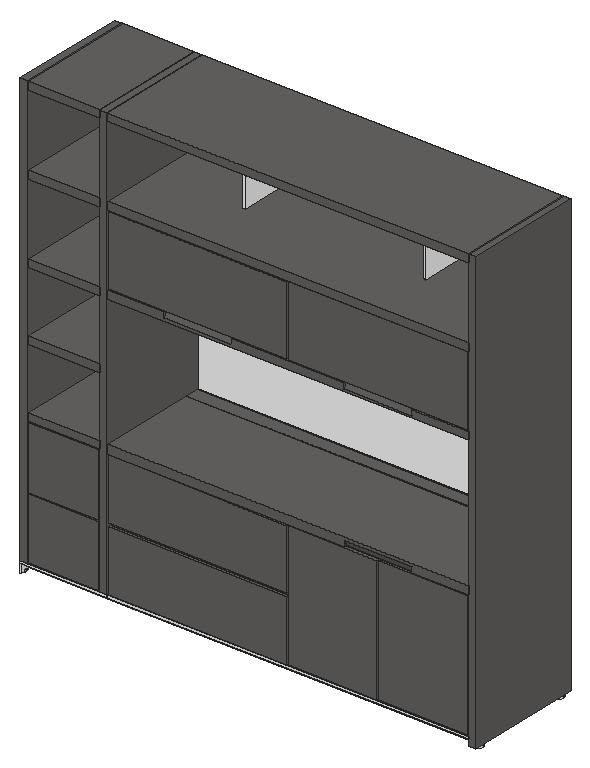
Revit family "Storage-Wall-Teknion-ZXLS_90_High_Without_Lights-R2011", category Furniture Systems, Revit 2013
Parameters (values of type "(See Type Catalog)")
  Working Wall Finish [instance] = Glass - Teknion - K6 - White Backpainted
  Width = 92.642"
  Warranty = "http://www.teknionstudio.com/pdfs/Teknion%20Studio%20Warranty.pdf"
  Wall Unit Finish [instance] = Veneer - Teknion - P7 - Grey Oak
  Unit Weight = 685.00 lbf
  URL = "www.teknionstudio.com"
  Right Tabletop Cutout Offset = if(Has Right Double Doors, 0", 4")  # 0"
  Left Tabletop Cutout Offset = if(Has Left Double Doors, 0", 4")  # 4"
  Storage Tower = Storage-Unit-Teknion-Tower : Upper Shelves & File/File Pedestal
  Series = "B&B Italia"
  Product Page URL = "http://www.teknionstudio.com/acexecutive/"
  Product Line = "AC Executive"
  Product Documentation Link = "http://www.teknionstudio.com/pricing/ac_executive_storage_walls_ppg.pdf"
  Part Number = "ZXLS"
  Model = ""
  Manufacturer Phone = "919-464-2920"
  Manufacturer Fax = "919-464-2927"
  Manufacturer Email = "customersupport@teknionstudio.com"
  Manufacturer Address = "3940 US 70 Business HWY West, Clayton, NC 27520"
  Manufacturer = "Teknion Studio"  # constant formula
  Low Emitting Material = yes
  Low Emitting Finish = yes
  Height = 89 123/128"
  Has Right File File Drawers = not(Has Right Double Doors)  # no
  Has Right Double Doors = yes
  Has Left File File Drawers = not(Has Left Double Doors)  # yes
  Has Left Double Doors = no
  Description = ""
  Depth = 24"
  Assembly Code = "E2020200"
Reference planes (in)
  plane 1 "Center F/B": y = 0
  plane 2: z = 0
  plane 3 "Center L/R": x = -16.17703
  plane 4 "Back": y = 12
  plane 5 "Front": y = -12
  plane 6 "Doors Top": z = 73.81394
  plane 7: x = 28.60446
  plane 8: z = 29.68402
  plane 9: z = 56.1289
  plane 10: x = -44.7815
  plane 11: z = 2.1289
  plane 12: x = -8.08852
  plane 13 "Foot Centerline": y = -11.2126
  plane 14 "Tabletop Cutout Left": y = -16
  plane 15 "Foot Centerline Front": y = -10.22835
  plane 16 "Foot Centerline Back": y = 10.22835
  plane 17: y = -8.484
  plane 18 "Tabletop Cutout Right": y = -12
  plane 19: x = 30.14397
  plane 20 "Left": x = -62.49803
  plane 21 "Top": z = 89.96094
Forms (in)
  Sweep 1, solid, material "Veneer - Teknion - P7 - Grey Oak" <- "Wall Unit Finish"
    path origin (0, 0, 15.40683) x (-1, 0, 0) y (0, -1, 0)
      loop
        line (16.17703, -12) -> (16.17703, 12)
    profile origin (-16.17703, 0, 15.40683) x (1, 0, 0) y (0, 0, 1)
      loop
        line (44.7815, -14.81732) -> (46.321, -14.81732) -> (46.321, 74.55411) -> (44.7815, 74.55411) -> (44.7815, -14.81732)
  Sweep 2, solid, material "Metal - Teknion - C6 - Chrome"
    path origin (0, 0, 0) x (1, 0, 0) y (0, 0, 1)
      loop
        line (28.60446, 2.1289) -> (-44.7815, 2.1289)
    profile origin (-8.08852, 0, 2.1289) x (0, 0, -1) y (0, -1, 0)
      loop
        line (0, 12) -> (0, 10.4252) -> (0.394, 10.4252) -> (0.394, 12) -> (0, 12)
  Sweep 3, solid, material "Metal - Teknion - C6 - Chrome"
    path origin (0, 0, 0) x (1, 0, 0) y (0, 0, 1)
      loop
        line (-44.7815, 2.1289) -> (28.60446, 2.1289)
    profile origin (-8.08852, 0, 2.1289) x (0, 0, 1) y (0, -1, 0)
      loop
        line (-0.394, 10.6222) -> (-1.575, 10.6222) -> (-1.575, 10.4252) -> (-0.394, 10.4252) -> (-0.394, 10.6222)
  Sweep 4, solid, material "Veneer - Teknion - P7 - Grey Oak" <- "Wall Unit Finish"
    path origin (0, 0, 0) x (1, 0, 0) y (0, 0, 1)
      loop
        line (-44.7815, 29.68402) -> (28.60446, 29.68402)
    profile origin (-8.08852, 0, 29.68402) x (0, 0, 1) y (0, -1, 0)
      loop
        line (0, 12) -> (-1.7638, 12) -> (-1.7638, 11.276) -> (-27.55512, 11.276) -> (-27.55512, -12) -> (44.12992, -12) -> (44.12992, 12) -> (42.59022, 12) -> (42.59022, 11.2126) -> (27.98392, 11.2126) -> (27.98392, 12) -> (26.44488, 12) -> (26.44488, -10.94094) -> (0, -10.94094) -> (0, -10.90969) -> (-0.72441, -10.90969) -> (-0.72441, -10.56693) -> (0, -10.56693) -> (0, -8.05709) -> (-0.72441, -8.05709) -> (-0.72441, -7.80709) -> (0, -7.80709) -> (0, 12)
      loop
        line (60.27692, -12) -> (60.27692, 12) -> (58.73722, 12) -> (58.73722, -12) -> (60.27692, -12)
  Sweep 5, solid, material "Veneer - Teknion - P7 - Grey Oak" <- "Wall Unit Finish"
    path origin (0, 0, 15.40683) x (-1, 0, 0) y (0, -1, 0)
      loop
        line (16.17703, 12) -> (16.17703, 11.276)
    profile origin (-16.17703, -11.638, 15.40683) x (-1, 0, 0) y (0, 0, 1)
      loop
        line (-44.5315, 42.5111) -> (-8.21358, 42.5111) -> (-8.21358, 56.6174) -> (-44.5315, 56.6174) -> (-44.5315, 42.5111)
      loop
        line (-7.96358, 56.6174) -> (-7.96358, 42.5111) -> (28.35446, 42.5111) -> (28.35446, 56.6174) -> (-7.96358, 56.6174)
  Sweep 6, solid, material "Veneer - Teknion - P7 - Grey Oak" <- "Wall Unit Finish", visible <- "Has Right Double Doors"
    path origin (0, 0, 15.40683) x (-1, 0, 0) y (0, -1, 0)
      loop
        line (16.17703, 12) -> (16.17703, 11.276)
    profile origin (-16.17703, -11.638, 15.40683) x (-1, 0, 0) y (0, 0, 1)
      loop
        line (-8.21345, 12.26339) -> (-26.25025, 12.26339) -> (-26.25025, -13.03482) -> (-8.21345, -13.03482) -> (-8.21345, 12.26339)
      loop
        line (-26.50025, 12.26339) -> (-44.5315, 12.26339) -> (-44.5315, -13.03482) -> (-26.50025, -13.03482) -> (-26.50025, 12.26339)
  Sweep 7, solid, material "Veneer - Teknion - P7 - Grey Oak" <- "Wall Unit Finish", visible <- "Has Right File File Drawers"
    path origin (0, 0, 15.40683) x (-1, 0, 0) y (0, -1, 0)
      loop
        line (16.17703, 12) -> (16.17703, 11.276)
    profile origin (-16.17703, -11.638, 15.40683) x (-1, 0, 0) y (0, 0, 1)
      loop
        line (-8.21352, 12.26339) -> (-44.53156, 12.26339) -> (-44.53156, 0.01144) -> (-8.21352, 0.01144) -> (-8.21352, 12.26339)
      loop
        line (-44.53156, -0.77597) -> (-44.53156, -13.03482) -> (-8.21352, -13.03482) -> (-8.21352, -0.77597) -> (-44.53156, -0.77597)
  Sweep 8, void
    path origin (0, 0, 0) x (1, 0, 0) y (0, 0, 1)
      loop
        line (3.388, 29.68402) -> (17.16752, 29.68402)
    profile origin (10.27776, 0, 29.68402) x (0, 0, 1) y (0, -1, 0)
      loop
        line (-1.7638, 12) -> (-1.7638, 11.52756) -> (-0.66143, 12) -> (-1.7638, 12)
  Sweep 9, void
    path origin (0, 0, 0) x (1, 0, 0) y (0, 0, 1)
      loop
        line (-33.3248, 56.1289) -> (-19.54528, 56.1289)
    profile origin (-26.43504, 0, 56.1289) x (0, 0, 1) y (0, -1, 0)
      loop
        line (1.53937, 12) -> (0.43699, 12) -> (1.53937, 11.52755) -> (1.53937, 12)
  Sweep 10, void
    path origin (0, 0, 0) x (1, 0, 0) y (0, 0, 1)
      loop
        line (3.36831, 56.1289) -> (17.14764, 56.1289)
    profile origin (10.25797, 0, 56.1289) x (0, 0, 1) y (0, -1, 0)
      loop
        line (1.53937, 11.52755) -> (1.53937, 12) -> (0.43699, 12) -> (1.53937, 11.52755)
  Revolve 11, solid, material "Metal - Teknion - C6 - Chrome"
    sketch origin (0, -10.22835, 0) x (0, 0, 1) y (1, 0, 0)
      loop
        line (0, 29.37415) -> (0.58951, 29.37415) -> (0.58951, 29.65649) -> (0.23622, 29.65649) -> (0.23622, 30.11214) -> (0, 30.11214) -> (0, 29.37415)
      axis (0, 29.37415) -> (0.58951, 29.37415)
    angle from 0 to 360
  Revolve 12, solid, material "Metal - Teknion - C6 - Chrome"
    sketch origin (0, 10.22835, 0) x (0, 0, 1) y (1, 0, 0)
      loop
        line (0, 29.37415) -> (0.58951, 29.37415) -> (0.58951, 29.65649) -> (0.23622, 29.65649) -> (0.23622, 30.11214) -> (0, 30.11214) -> (0, 29.37415)
      axis (0, 29.37415) -> (0.58951, 29.37415)
    angle from 0 to 360
  Sweep 13, void
    path origin (0, 0, 0) x (1, 0, 0) y (0, 0, 1)
      loop
        line (-19.56503, 29.68402) -> (-33.34456, 29.68402)
    profile origin (-26.45479, 0, 29.68402) x (0, 0, -1) y (0, -1, 0)
      loop
        line (1.7638, 15.52756) -> (1.7638, 16) -> (0.66143, 16) -> (1.7638, 15.52756)
  Sweep 14, solid, material "Veneer - Teknion - P7 - Grey Oak" <- "Wall Unit Finish", visible <- "Has Left Double Doors"
    path origin (-16.17703, 0, 0) x (0, 1, 0) y (0, 0, 1)
      loop
        line (-12, 2.1289) -> (-11.276, 2.1289)
    profile origin (-16.17703, -11.638, 2.1289) x (0, 0, 1) y (1, 0, 0)
      loop
        line (25.54132, 7.96352) -> (0.24311, 7.96352) -> (0.24311, -10.07328) -> (25.54132, -10.07328) -> (25.54132, 7.96352)
      loop
        line (0.24311, -10.32328) -> (0.24311, -28.35453) -> (25.54132, -28.35453) -> (25.54132, -10.32328) -> (0.24311, -10.32328)
  Sweep 15, solid, material "Veneer - Teknion - P7 - Grey Oak" <- "Wall Unit Finish", visible <- "Has Left File File Drawers"
    path origin (-16.17703, 0, 0) x (0, 1, 0) y (0, 0, 1)
      loop
        line (-12, 2.1289) -> (-11.276, 2.1289)
    profile origin (-16.17703, -11.638, 2.1289) x (0, 0, 1) y (1, 0, 0)
      loop
        line (25.54132, 7.96352) -> (13.28937, 7.96352) -> (13.28937, -28.35453) -> (25.54132, -28.35453) -> (25.54132, 7.96352)
      loop
        line (12.50197, -28.35453) -> (12.50197, 7.96352) -> (0.24311, 7.96352) -> (0.24311, -28.35453) -> (12.50197, -28.35453)
  Sweep 16, solid, material "Acrylic - Teknion - Clear"
    path origin (0, 0, 15.40683) x (-1, 0, 0) y (0, -1, 0)
      loop
        line (16.17703, -11.252) -> (16.17703, 0.165)
    profile origin (-16.17703, 5.5435, 15.40683) x (1, 0, 0) y (0, 0, 1)
      loop
        line (-10.55519, 73.0138) -> (-10.55519, 58.4071) -> (-9.9607, 58.4071) -> (-9.9607, 73.0138) -> (-10.55519, 73.0138)
      loop
        line (26.13773, 73.0138) -> (26.13773, 58.4071) -> (26.73222, 58.4071) -> (26.73222, 73.0138) -> (26.13773, 73.0138)
Cuts and joins
  joined: Sweep 2, Sweep 3
  Sweep 8, Sweep 9, Sweep 10, Sweep 13 cuts Sweep 4
Lines and regions (in)
  Masking region 1
    outline origin (0, 0, 15.40683) x (-1, 0, 0) y (0, -1, 0)
      loop
        line (44.7815, -12) -> (44.7815, 12) -> (-30.14397, 12) -> (-30.14397, -12) -> (44.7815, -12)
  symbolic lines, style "Elevation Swing"
    curve 1: line (-44.7815, -12, 57.66827) -> (-26.43501, -12, 72.02424)
    curve 2: line (-8.08852, -12, 57.66832) -> (-26.43501, -12, 72.02424)
    curve 3: line (-8.08852, 0, 57.66832) -> (10.25797, 0, 72.19583)
    curve 4: line (10.25797, 0, 72.19583) -> (28.60446, 0, 57.66827)
  symbolic lines, detail levels medium+fine
    curve 5: line (-44.7815, 12, 15.40683) -> (-44.7815, -12, 15.40683)
  symbolic lines, style "FurnitureSystemsHiddenLines", detail levels fine
    curve 6: line (28.60446, -11.276, 15.40683) -> (-44.7815, -11.276, 15.40683)
    curve 7: line (-8.08852, 12, 15.40683) -> (-8.08852, -12, 15.40683)
  symbolic lines, style "Elevation Swing", visible <- "Has Right Double Doors"
    curve 8: line (10.07321, 0, 27.67022) -> (-7.96358, 0, 15.02111)
    curve 9: line (-7.96358, 0, 15.02111) -> (10.07321, 0, 2.37201)
    curve 10: line (10.32321, 0, 2.37201) -> (28.35446, 0, 15.02111)
    curve 11: line (28.35446, 0, 15.02111) -> (10.32321, 0, 27.67022)
  symbolic lines, style "Elevation Swing", visible <- "Has Left Double Doors"
    curve 12: line (-8.21352, 0, 15.02111) -> (-26.25031, 0, 27.67022)
    curve 13: line (-8.21352, 0, 15.02111) -> (-26.25031, 0, 2.37201)
    curve 14: line (-26.50031, 0, 2.37201) -> (-44.53156, 0, 15.02111)
    curve 15: line (-44.53156, 0, 15.02111) -> (-26.50031, 0, 27.67022)
  symbolic lines, visible <- "Has Left Double Doors"
    curve 16: arc (-44.7815, -30.34649, 15.40683) -> (-31.80857, -24.97293, 15.40683) -> (-26.43501, -12, 15.40683) r 18.34649
    curve 17: arc (-26.43501, -12, 15.40683) -> (-21.06144, -24.97293, 15.40683) -> (-8.08852, -30.34649, 15.40683) r 18.34649
    curve 18: line (-44.7815, -12, 15.40683) -> (-44.7815, -30.34649, 15.40683)
    curve 19: line (-8.08852, -12, 15.40683) -> (-8.08852, -30.34649, 15.40683)
  symbolic lines, visible <- "Has Right Double Doors"
    curve 20: arc (-8.08852, -30.34649, 15.40683) -> (4.88441, -24.97293, 15.40683) -> (10.25797, -12, 15.40683) r 18.34649
    curve 21: arc (10.25797, -12, 15.40683) -> (15.63154, -24.97293, 15.40683) -> (28.60446, -30.34649, 15.40683) r 18.34649
    curve 22: line (-8.08852, -12, 15.40683) -> (-8.08852, -30.34649, 15.40683)
    curve 23: line (28.60446, -12, 15.40683) -> (28.60446, -30.34649, 15.40683)
Dimensions and locks (in)
  equal spacing: plane 4 "Back", plane 1 "Center F/B", plane 5 "Front"
  "Depth": plane 4 "Back" to plane 5 "Front"
  "Height": plane 21 "Top" to plane 2
  locked: plane 8 to plane 2 at 29.68402
  locked: plane 9 to plane 8 at 26.44488
  locked: plane 11 to plane 2 at 2.1289
  locked: plane 11 to Sweep 3 sketch curve at 0.394
  locked: Sweep 3 sketch curve to Sweep 3 sketch curve at 1.181
  plane 5 "Front" to Sweep 3 sketch curve to Sweep 3 sketch curve = 1.3778" locked, 0.197" locked
  locked: plane 5 "Front" to plane 13 "Foot Centerline" at 0.7874
  plane 11 to Sweep 4 sketch curve = 0"
  locked: plane 8 to Sweep 4 sketch curve at 1.7638
  locked: Sweep 1 sketch curve to plane 2 at 0.58951
  locked: plane 5 "Front" to Sweep 5 sketch curve at 0.724
  locked: plane 5 "Front" to Sweep 6 sketch curve at 0.724
  locked: plane 8 to Sweep 6 sketch curve at 2.0138  (x2)
  locked: Sweep 6 sketch curve to Sweep 6 sketch curve at 25.29821  (x2)
  Sweep 6 sketch curve to Sweep 6 sketch curve to Sweep 6 sketch curve to Sweep 6 sketch curve to plane 10 = 18 1/32" locked, 1/4" locked, 18.0368" locked, 36.81791"
  locked: plane 5 "Front" to Sweep 7 sketch curve at 0.724
  plane 8 to Sweep 7 sketch curve to Sweep 7 sketch curve to Sweep 7 sketch curve to Sweep 7 sketch curve = 2.0138" locked, 12.25195" locked, 0.7874" locked, 12.25886" locked
  Sweep 7 sketch curve to Sweep 7 sketch curve to plane 12 = 36.31805" locked, 1/8" locked  (x2)
  Sweep 8 sketch curve to Sweep 8 sketch curve to plane 12 = 13.77953" locked, 11.47651" locked
  locked: plane 8 to Sweep 8 sketch curve at 1.7638
  locked: plane 18 "Tabletop Cutout Right" to Sweep 8 sketch curve at 0.47244
  "Left Tabletop Cutout Offset": plane 14 "Tabletop Cutout Left" to plane 5 "Front"
  locked: Sweep 9 sketch curve to Sweep 9 sketch curve at 13.77953
  locked: Sweep 9 sketch curve to plane 9 at 1.53937
  locked: Sweep 9 sketch curve to plane 9 at 0.43699
  locked: plane 5 "Front" to Sweep 9 sketch curve at 0.47245
  Sweep 10 sketch curve to Sweep 10 sketch curve to plane 9 = 1.10238" locked, 0.43699" locked
  locked: plane 5 "Front" to Sweep 10 sketch curve at 0.47245
  equal spacing: plane 12, curve 2, plane 10
  equal spacing: plane 7, curve 4, plane 12
  locked: plane 5 "Front" to curve 6 at 0.724
  locked: plane 4 "Back" to plane 16 "Foot Centerline Back" at 1.77165
  locked: plane 5 "Front" to plane 15 "Foot Centerline Front" at 1.77165
  locked: plane 5 "Front" to plane 17 at 3.516
  locked: plane 11 to Sweep 2 sketch curve at 0.394
  locked: plane 5 "Front" to Sweep 2 sketch curve at 1.5748
  plane 12 to Sweep 13 sketch curve to Sweep 13 sketch curve = 11.47651" locked, 13.77953" locked
  plane 8 to Sweep 13 sketch curve to Sweep 13 sketch curve = 0.66143" locked, 1.10236" locked
  locked: plane 14 "Tabletop Cutout Left" to Sweep 13 sketch curve at 0.47244
  locked: plane 5 "Front" to Sweep 4 sketch curve at 0.724
  locked: plane 5 "Front" to Sweep 14 sketch curve at 0.724
  plane 12 to Sweep 14 sketch curve to Sweep 14 sketch curve to Sweep 14 sketch curve to Sweep 14 sketch curve = 1/8" locked, 18.0368" locked, 1/4" locked, 18 1/32" locked
  plane 8 to Sweep 14 sketch curve to Sweep 14 sketch curve = 2.0138" locked, 25.29821" locked  (x2)
  locked: plane 5 "Front" to Sweep 15 sketch curve at 0.724
  plane 8 to Sweep 15 sketch curve to Sweep 15 sketch curve to Sweep 15 sketch curve to Sweep 15 sketch curve = 2.0138" locked, 12.25195" locked, 0.7874" locked, 12.25886" locked
  plane 12 to Sweep 15 sketch curve to Sweep 15 sketch curve = 1/8" locked, 36.31805" locked  (x2)
  "Right Tabletop Cutout Offset": plane 18 "Tabletop Cutout Right" to plane 5 "Front"
  "Width": plane 20 "Left" to plane 19
  equal spacing: plane 20 "Left", plane 3 "Center L/R", plane 19
  locked: plane 7 to plane 19 at 1.5395
  locked: plane 20 "Left" to plane 10 at 17.71654
  equal spacing: plane 10, plane 12, plane 7
  Revolve 11 sketch curve to Revolve 11 sketch curve to plane 2 = 0.35329" locked, 0.23622" locked
  locked: plane 19 to Revolve 11 sketch curve at 0.76982
  plane 19 to Revolve 11 sketch curve to Revolve 11 sketch curve = 0.03183" locked, 0.45565" locked
  Revolve 12 sketch curve to Revolve 12 sketch curve to plane 2 = 0.35329" locked, 0.23622" locked
  locked: plane 19 to Revolve 12 sketch curve at 0.76982
  Revolve 12 sketch curve to Revolve 12 sketch curve to plane 19 = 0.45565" locked, 0.03183" locked
  Sweep 5 sketch curve to plane 3 "Center L/R" to Sweep 5 sketch curve to Sweep 5 sketch curve to Sweep 5 sketch curve = 28.35446" locked, 7.96358" locked, 1/4" locked, 36.31791" locked
  plane 6 "Doors Top" to Sweep 5 sketch curve to Sweep 5 sketch curve = 1.7897" locked, 14.1063" locked  (x2)
  plane 7 to Sweep 10 sketch curve to Sweep 10 sketch curve = 11.45683" locked, 13.77933" locked
  locked: plane 21 "Top" to Sweep 4 sketch curve at 1.5397
  locked: Sweep 16 sketch curve to Sweep 16 sketch curve at 0.59449  (x2)
  locked: Sweep 16 sketch curve to Sweep 16 sketch curve at 36.09843
  equal spacing: Sweep 16 sketch curve, plane 12, Sweep 16 sketch curve
  plane 4 "Back" to Sweep 16 sketch curve to Sweep 16 sketch curve = 0.748" locked, 11.417" locked
  aligned and locked: level to plane 2
  aligned and locked: plane 4 "Back" to Sweep 1 sketch curve
  aligned and locked: plane 5 "Front" to Sweep 1 sketch curve
  aligned and locked: Sweep 1 sketch curve to plane 3 "Center L/R"
  aligned and locked: Sweep 2 sketch curve to plane 11  (x2)
  aligned and locked: Sweep 3 sketch curve to plane 11
  aligned and locked: plane 10 to Sweep 4 sketch curve
  aligned and locked: plane 7 to Sweep 4 sketch curve
  aligned and locked: Sweep 4 sketch curve to plane 8  (x4)
  aligned and locked: Sweep 4 sketch curve to plane 5 "Front"  (x2)
  aligned and locked: plane 4 "Back" to Sweep 4 sketch curve
  aligned and locked: plane 3 "Center L/R" to Sweep 5 sketch curve
  aligned and locked: plane 5 "Front" to Sweep 5 sketch curve
  aligned and locked: Sweep 4 sketch curve to plane 9
  aligned and locked: plane 3 "Center L/R" to Sweep 6 sketch curve
  aligned and locked: plane 5 "Front" to Sweep 6 sketch curve
  aligned and locked: plane 5 "Front" to Sweep 7 sketch curve
  aligned and locked: plane 3 "Center L/R" to Sweep 7 sketch curve
  aligned and locked: Sweep 8 sketch curve to plane 8
  aligned and locked: Sweep 9 sketch curve to plane 9
  aligned and locked: Sweep 10 sketch curve to plane 9
  aligned and locked: Sweep 10 sketch curve to plane 5 "Front"
  aligned and locked: plane 10 to curve 1
  aligned and locked: plane 12 to curve 2
  aligned and locked: plane 7 to curve 4
  aligned and locked: plane 12 to curve 3
  aligned and locked: plane 4 "Back" to curve 5
  aligned and locked: plane 5 "Front" to curve 5
  aligned and locked: plane 7 to curve 6
  aligned and locked: plane 4 "Back" to curve 7
  aligned and locked: plane 5 "Front" to curve 7
  aligned and locked: plane 5 "Front" to Sweep 9 sketch curve
  aligned and locked: Sweep 4 sketch curve to plane 6 "Doors Top"
  aligned and locked: plane 13 "Foot Centerline" to Sweep 4 sketch curve
  aligned and locked: plane 5 "Front" to Sweep 4 sketch curve  (x2)
  aligned and locked: plane 2 to nested 1
  aligned and locked: plane 1 "Center F/B" to nested 1
  aligned and locked: plane 7 to Sweep 2 sketch curve
  aligned and locked: plane 7 to Sweep 3 sketch curve
  aligned and locked: Sweep 2 sketch curve to plane 5 "Front"
  aligned and locked: Masking region 1 sketch curve to plane 4 "Back"
  aligned and locked: Masking region 1 sketch curve to plane 5 "Front"
  aligned and locked: plane 8 to Sweep 13 sketch curve
  aligned and locked: Sweep 13 sketch curve to plane 14 "Tabletop Cutout Left"
  aligned and locked: plane 10 to Sweep 2 sketch curve
  aligned and locked: Sweep 14 sketch curve to plane 11
  aligned and locked: plane 5 "Front" to Sweep 14 sketch curve
  aligned and locked: plane 5 "Front" to Sweep 15 sketch curve
  aligned and locked: Sweep 15 sketch curve to plane 11
  aligned and locked: Sweep 6 to curve 8
  aligned and locked: curve 9 to Sweep 6
  aligned and locked: Sweep 6 to curve 10
  aligned and locked: curve 11 to Sweep 6
  aligned and locked: curve 12 to Sweep 14
  aligned and locked: Sweep 14 to curve 13
  aligned and locked: Sweep 14 to curve 14
  aligned and locked: Sweep 14 to curve 15
  aligned and locked: plane 10 to Sweep 3 sketch curve
  aligned and locked: plane 18 "Tabletop Cutout Right" to Sweep 8 sketch curve
  aligned and locked: plane 7 to Sweep 1 sketch curve
  aligned and locked: Sweep 1 sketch curve to plane 19
  aligned and locked: Masking region 1 sketch curve to plane 19
  aligned and locked: plane 10 to Masking region 1 sketch curve
  aligned and locked: nested 1 to plane 20 "Left"
  aligned and locked: Revolve 11 sketch curve to plane 2
  aligned and locked: plane 2 to Revolve 12 sketch curve
  aligned and locked: Sweep 4 sketch curve to nested 1
  aligned and locked: Sweep 4 sketch curve to plane 4 "Back"
  aligned and locked: Sweep 1 sketch curve to plane 21 "Top"
  aligned and locked: Sweep 16 sketch curve to plane 3 "Center L/R"
  aligned and locked: curve 18 to nested 1
  aligned and locked: curve 19 to plane 12
  aligned and locked: plane 5 "Front" to Masking region 1
  aligned and locked: plane 5 "Front" to curve 17
  aligned and locked: plane 5 "Front" to curve 16
  aligned and locked: curve 23 to plane 7
  aligned and locked: plane 5 "Front" to Sweep 1
  aligned and locked: plane 5 "Front" to curve 21
  aligned and locked: plane 5 "Front" to curve 20
Automatic sketch dimensions
  profile plane to Sweep 8 sketch curve = 0.66143"
  plane 9 to curve 2 = 1.53942"
  plane 9 to curve 1 = 1.53937"
  Sweep 2 sketch curve to Sweep 2 sketch curve = 1.5748"
  plane 11 to curve 14 = 0.24311"
  curve 14 to curve 13 = 1/4"
  curve 15 to plane 8 = 2.0138"
  curve 12 to plane 12 = 1/8"
  curve 8 to plane 8 = 2.0138"
  curve 8 to curve 11 = 1/4"
  plane 11 to curve 10 = 0.24311"
  curve 9 to curve 10 = 1/4"
  plane 11 to curve 13 = 0.24311"
  plane 11 to curve 9 = 0.24311"
  plane 11 to curve 11 = 12.89222"
  plane 11 to curve 8 = 12.89222"
  plane 11 to curve 14 = 12.89222"
  curve 12 to curve 8 = 0"
  curve 12 to curve 15 = 0"
  curve 11 to curve 8 = 0"
  plane 9 to curve 4 = 1.53937"
  plane 9 to curve 3 = 1.53942"
  curve 3 to plane 6 "Doors Top" = 1.61811"
  Revolve 11 sketch curve to level = 0"
  Revolve 11 sketch curve to Revolve 11 sketch curve = 0"  (x2)
  Revolve 12 sketch curve to level = 0"
  Revolve 12 sketch curve to Revolve 12 sketch curve = 0"  (x2)
  curve 2 to plane 6 "Doors Top" = 1.7897"
  profile plane to Sweep 4 sketch curve = 0.72441"  (x2)
  Sweep 4 sketch curve to Sweep 4 sketch curve = 1.53904"
  Sweep 4 sketch curve to Sweep 4 sketch curve = 1.5397"
  Sweep 4 sketch curve to plane 1 "Center F/B" = 10.94094"
  Sweep 4 sketch curve to Sweep 4 sketch curve = 1/32"
  Sweep 4 sketch curve to Sweep 4 sketch curve = 0.34277"
  Sweep 4 sketch curve to Sweep 4 sketch curve = 2.50984"
  Sweep 4 sketch curve to Sweep 4 sketch curve = 1/4"
  profile plane to Sweep 16 sketch curve = 58.4071"
  Sweep 16 sketch curve to Sweep 16 sketch curve = 0"
  Sweep 16 sketch curve to Sweep 16 sketch curve = 14.60669"  (x2)
  plane 5 "Front" to curve 23 = 0"
  curve 21 to curve 17 = 18.34649"
  curve 20 to curve 21 = 0"
  curve 16 to curve 17 = 0"
Nested families (in)
  nested 1: "Storage-Unit-Teknion-Tower" at (-53.63976, 0, 0) x (-1, 0, 0) z (0, 0, 1), type <- "Storage Tower", Height <- "Height", type "Upper Shelves & File/File Pedestal"
    with Height 89 123/128", Has Top Shelf yes, Bottom Drawer Height 13.047"
Definition of nested family "Storage-Unit-Teknion-Tower"
  Parameters (values of type "Upper Wardrobe & Lower Door")
    Width = 17.71654"
    Warranty = "http://www.teknionstudio.com/pdfs/Teknion%20Studio%20Warranty.pdf"
    Wall Unit Finish = Veneer - Teknion - P8 - Light Brushed Oak
    URL = "www.teknionstudio.com"
    Series = "B&B Italia"
    Product Line = "AC Executive"
    Model = ""
    Middle Drawer Height = if(Has Top Drawer, 6.425", 12.719")  # 12.719"
    Manufacturer Phone = "919-464-2920"
    Manufacturer Fax = "919-464-2927"
    Manufacturer Email = "customersupport@teknionstudio.com"
    Manufacturer Address = "3940 US 70 Business HWY West, Clayton, NC 27520"
    Manufacturer = "Teknion Studio"  # constant formula
    Height [instance] = 73.81394"
    Has Top Shelf [instance] = and(Height > 75", Has Shelves)  # no
    Has Top Drawer = no
    Has Top Door = yes
    Has Shelves = no
    Has Right Leg = yes
    Has Middle Drawer = no
    Has Lower Shelf = yes
    Has Left Leg = no
    Has Full Wardrobe Door = no
    Has Doors = yes
    Door Projection Symbol = yes
    Description = "Tower Storage Unit"
    Depth = 24"
    Bottom Drawer Height [instance] = if(Has Middle Drawer, 13.047", if(Has Top Drawer, 13.047", if(Has Full Wardrobe Door, (Height - 3.668"), 26.016")))  # 26.016"
    Assembly Code = "E2010200"
  Types (7): name | Wall Unit Finish | Series | Product Line | Middle Drawer Height | Has Top Drawer | Has Top Door | Has Shelves | Has Middle Drawer | Has Lower Shelf | Has Full Wardrobe Door | Has Doors | Door Projection Symbol | Bottom Drawer Height
    Upper Shelves & Lower Door | none | "AC Executive" | "" | 12.719" | no | no | yes | no | yes | no | yes | yes | 26.016"
    Upper Shelves & File/File Pedestal | none | "AC Executive" | "" | 12.719" | no | no | yes | yes | yes | no | no | no | 13.047"
    Upper Shelves & Box/Box/File Pedestal | Veneer - Teknion - P8 - Light Brushed Oak | "AC Executive" | "" | 6.425" | yes | no | yes | yes | yes | yes | no | no | 13.047"
    Full Wardrobe | none | "AC Executive" | "" | 12.719" | no | no | no | no | no | yes | yes | yes | 70.14594"
    Upper Wardrobe & Lower Door | Veneer - Teknion - P8 - Light Brushed Oak | "B&B Italia" | "AC Executive" | 12.719" | no | yes | no | no | yes | no | yes | yes | 26.016"
    Upper Wardrobe & File/File Pedestal | none | "AC Executive" | "" | 12.719" | no | yes | no | yes | yes | no | no | yes | 13.047"
    Upper Wardrobe & Box/Box/File Pedestal | none | "AC Executive" | "" | 6.425" | yes | yes | no | yes | yes | no | no | yes | 13.047"
  Reference planes (in)
    plane 1 "Center F/B": y = 0
    plane 2: z = 0
    plane 3 "Center L/R": x = 0
    plane 4 "Left": x = -8.85827
    plane 5 "Right": x = 8.85827
    plane 6 "Back": y = 12
    plane 7 "Front": y = -12
    plane 8 "Top": z = 73.81394
    plane 9: x = -7.3189
    plane 10: x = 7.3189
    plane 11: z = 2.1289
    plane 12 "Foot Centerline": y = -11.2126
    plane 13: z = 29.68402
    plane 14 "Drawer 1 Top": z = 28.1449
    plane 15 "Drawer 2 Top": z = 40.8639
    plane 16 "Drawer 3 Top": z = 27.89502
    plane 17: z = 42.13677
  Forms (in)
    Sweep 1, solid, material "Metal - Teknion - C6 - Chrome", visible <- "Has Left Leg"
      path origin (0, -12, 0) x (1, 0, 0) y (0, 0, 1)
        loop
          line (-8.85827, 1.7349) -> (-8.85827, 0.05803)
      profile origin (-8.85827, -12, 0.89646) x (0, -1, 0) y (1, 0, 0)
        loop
          line (-1.5748, 0) -> (0, 0) -> (0, 0.394) -> (-1.5748, 0.394) -> (-1.5748, 0)
    Sweep 2, solid, material "Metal - Teknion - C6 - Chrome"
      path origin (0, -12, 0) x (1, 0, 0) y (0, 0, 1)
        loop
          line (-8.85827, 2.1289) -> (8.46427, 2.1289)
      profile origin (-0.197, -12, 2.1289) x (0, 0, 1) y (0, -1, 0)
        loop
          line (-0.394, -1.5748) -> (-0.394, -1.3778) -> (-1.575, -1.3778) -> (-1.575, -1.5748) -> (-0.394, -1.5748)
    Revolve 3, solid, material "Metal - Teknion - C6 - Chrome"
      sketch origin (0, -11.2126, 0) x (0, 0, -1) y (1, 0, 0)
        loop
          line (-0.4911, 8.32677) -> (-0.45173, 8.2874) -> (-0.28492, 8.2874) -> (-0.24555, 8.32677) -> (-0.20618, 8.2874) -> (-0.03937, 8.2874) -> (0, 8.32677) -> (0, 8.66142) -> (-0.4911, 8.66142) -> (-0.4911, 8.32677)
        axis (0, 8.66142) -> (-0.4911, 8.66142)
      angle from 0 to 360
    Revolve 4, solid, material "Metal - Teknion - C6 - Chrome", visible <- "Has Left Leg"
      sketch origin (0, -11.2126, 0) x (0, 0, -1) y (1, 0, 0)
        loop
          line (0, -8.99606) -> (0, -8.66142) -> (-0.4911, -8.66142) -> (-0.4911, -8.99606) -> (-0.45173, -9.03543) -> (-0.28492, -9.03543) -> (-0.24555, -8.99606) -> (-0.20618, -9.03543) -> (-0.03937, -9.03543) -> (0, -8.99606)
        axis (0, -8.66142) -> (-0.4911, -8.66142)
      angle from 0 to 360
    Sweep 5, solid, material "Veneer - Teknion - P8 - Light Brushed Oak" <- "Wall Unit Finish"
      path origin (0, 0, 0) x (1, 0, 0) y (0, 0, 1)
        loop
          line (0, 2.1289) -> (0, 73.81394)
      profile origin (0, 0, 37.97142) x (-1, 0, 0) y (0, -1, 0)
        loop
          line (8.85827, -12) -> (8.85827, 12) -> (7.3189, 12) -> (7.3189, -12) -> (8.85827, -12)
        loop
          line (-7.3189, 12) -> (-8.85827, 12) -> (-8.85827, -12) -> (-7.3189, -12) -> (-7.3189, 12)
    Sweep 6, solid, material "Veneer - Teknion - P8 - Light Brushed Oak" <- "Wall Unit Finish"
      path origin (0, 0, 15.40683) x (-1, 0, 0) y (0, -1, 0)
        loop
          line (0, -12) -> (0, 12)
      profile origin (0, 0, 15.40683) x (1, 0, 0) y (0, 0, 1)
        loop
          line (-7.3189, 58.4071) -> (-7.3189, 56.86773) -> (7.3189, 56.86773) -> (7.3189, 58.4071) -> (-7.3189, 58.4071)
    Sweep 7, solid, material "Veneer - Teknion - P8 - Light Brushed Oak" <- "Wall Unit Finish"
      path origin (0, -12, 0) x (1, 0, 0) y (0, 0, 1)
        loop
          line (0, 2.1289) -> (0, 72.27457)
      profile origin (0, -12, 37.20173) x (-1, 0, 0) y (0, -1, 0)
        loop
          line (7.3189, -24) -> (7.3189, -23.25) -> (-7.3189, -23.25) -> (-7.3189, -24) -> (7.3189, -24)
    Sweep 8, solid, material "Veneer - Teknion - P8 - Light Brushed Oak" <- "Wall Unit Finish", visible <- "Has Lower Shelf"
      path origin (0, -12, 0) x (1, 0, 0) y (0, 0, 1)
        loop
          line (-7.3189, 29.68402) -> (7.3189, 29.68402)
      profile origin (0, -12, 29.68402) x (0, 0, 1) y (0, -1, 0)
        loop
          line (0, 0) -> (-1.539, 0) -> (-1.539, -0.724) -> (-27.55512, -0.724) -> (-27.55512, -23.25) -> (0, -23.25) -> (0, 0)
    Sweep 9, solid, material "Veneer - Teknion - P8 - Light Brushed Oak" <- "Wall Unit Finish"
      path origin (0, -12, 0) x (1, 0, 0) y (0, 0, 1)
        loop
          line (0, 2.3789) -> (0, 27.8949)
      profile origin (0, -12, 15.1369) x (-1, 0, 0) y (0, -1, 0)
        loop
          line (7.0689, -0.724) -> (7.0689, 0) -> (-7.0689, 0) -> (-7.0689, -0.724) -> (7.0689, -0.724)
    Sweep 10, solid, material "Veneer - Teknion - P8 - Light Brushed Oak" <- "Wall Unit Finish", visible <- "Has Middle Drawer"
      path origin (0, -12, 0) x (1, 0, 0) y (0, 0, 1)
        loop
          line (0, 28.1449) -> (0, 40.8639)
      profile origin (0, -12, 34.5044) x (-1, 0, 0) y (0, -1, 0)
        loop
          line (7.0689, -0.724) -> (7.0689, 0) -> (-7.0689, 0) -> (-7.0689, -0.724) -> (7.0689, -0.724)
    Sweep 11, solid, material "Veneer - Teknion - P8 - Light Brushed Oak" <- "Wall Unit Finish", visible <- "Has Top Drawer"
      path origin (0, -12, 0) x (1, 0, 0) y (0, 0, 1)
        loop
          line (0, 47.15802) -> (0, 41.1139)
      profile origin (0, -12, 44.13596) x (0, -1, 0) y (1, 0, 0)
        loop
          line (0, 7.0689) -> (-0.724, 7.0689) -> (-0.724, -7.0689) -> (0, -7.0689) -> (0, 7.0689)
    Sweep 12, solid, material "Veneer - Teknion - P8 - Light Brushed Oak" <- "Wall Unit Finish", visible <- "Has Shelves"
      path origin (0, -12, 0) x (1, 0, 0) y (0, 0, 1)
        loop
          line (0, 42.13677) -> (0, 43.67614)
      profile origin (0, -12, 42.90646) x (-1, 0, 0) y (0, -1, 0)
        loop
          line (7.3189, -23.25) -> (7.3189, 0) -> (-7.3189, 0) -> (-7.3189, -23.25) -> (7.3189, -23.25)
    Sweep 13, solid, material "Veneer - Teknion - P8 - Light Brushed Oak" <- "Wall Unit Finish", visible <- "Has Shelves"
      path origin (0, -12, 13.9918) x (1, 0, 0) y (0, 0, 1)
        loop
          line (0, 42.13677) -> (0, 43.67614)
      profile origin (0, -12, 56.89825) x (-1, 0, 0) y (0, -1, 0)
        loop
          line (7.3189, -23.25) -> (7.3189, 0) -> (-7.3189, 0) -> (-7.3189, -23.25) -> (7.3189, -23.25)
    Sweep 14, solid, material "Veneer - Teknion - P8 - Light Brushed Oak" <- "Wall Unit Finish", visible <- "Has Top Door"
      path origin (0, -12, 0) x (1, 0, 0) y (0, 0, 1)
        loop
          line (0, 29.93402) -> (0, 72.02457)
      profile origin (0, -12, 50.97929) x (-1, 0, 0) y (0, -1, 0)
        loop
          line (7.0689, -0.724) -> (7.0689, 0) -> (-7.0689, 0) -> (-7.0689, -0.724) -> (7.0689, -0.724)
    Sweep 15, solid, material "Veneer - Teknion - P8 - Light Brushed Oak" <- "Wall Unit Finish"
      path origin (0, -12, 0) x (1, 0, 0) y (0, 0, 1)
        loop
          line (-8.85827, 2.1289) -> (8.85827, 2.1289)
      profile origin (0, -12, 2.1289) x (0, 0, 1) y (0, -1, 0)
        loop
          line (0, -1.5748) -> (-1.53937, -1.5748) -> (-1.53937, -24) -> (0, -24) -> (0, -1.5748)
    Sweep 16, solid, material "Veneer - Teknion - P8 - Light Brushed Oak" <- "Wall Unit Finish", visible <- "Has Top Shelf"
      path origin (0, 0, 0) x (1, 0, 0) y (0, 0, 1)
        loop
          line (0, 73.81394) -> (0, 72.27457)
      profile origin (0, 0, 73.04425) x (0, -1, 0) y (1, 0, 0)
        loop
          line (-11.25, -7.3189) -> (12, -7.3189) -> (12, 7.3189) -> (-11.25, 7.3189) -> (-11.25, -7.3189)
    Sweep 17, solid, material "Metal - Teknion - C6 - Chrome"
      path origin (0, 0, 0) x (1, 0, 0) y (0, 0, 1)
        loop
          line (-8.85827, 2.1289) -> (8.85827, 2.1289)
      profile origin (0, 0, 2.1289) x (0, 0, 1) y (0, -1, 0)
        loop
          line (0, 10.4252) -> (0, 12) -> (-0.394, 12) -> (-0.394, 10.4252) -> (0, 10.4252)
    Sweep 18, solid, material "Metal - Teknion - C6 - Chrome"
      path origin (0, 0, 0) x (1, 0, 0) y (0, 0, 1)
        loop
          line (8.85827, 1.7349) -> (8.85827, 0.05803)
      profile origin (8.85827, 0, 0.89646) x (0, -1, 0) y (1, 0, 0)
        loop
          line (10.4252, -0.394) -> (12, -0.394) -> (12, 0) -> (10.4252, 0) -> (10.4252, -0.394)
  Lines and regions (in)
    Masking region 1
      outline origin (0, 0, 15.40683) x (-1, 0, 0) y (0, -1, 0)
        loop
          line (8.85827, -12) -> (8.85827, 12) -> (-8.85827, 12) -> (-8.85827, -12) -> (8.85827, -12)
    symbolic lines, style "FurnitureSystems", detail levels medium+fine
      curve 1: line (-7.3189, 12, 15.40683) -> (-7.3189, -12, 15.40683)
      curve 2: line (7.3189, 12, 15.40683) -> (7.3189, -12, 15.40683)
    symbolic lines, style "FurnitureSystemsHiddenLines", detail levels fine
      curve 3: line (-7.3189, -11.276, 15.40683) -> (7.3189, -11.276, 15.40683)
    symbolic lines, style "Elevation Swing", visible <- "Has Doors"
      curve 4: line (-7.3189, -12, 2.1289) -> (7.3189, -12, 15.1369)
      curve 5: line (7.3189, -12, 15.1369) -> (-7.3189, -12, 28.1449)
    symbolic lines, style "Elevation Swing", visible <- "Has Top Door"
      curve 6: line (-7.3189, -12, 29.68402) -> (7.3189, -12, 50.97929)
      curve 7: line (7.3189, -12, 50.97929) -> (-7.3189, -12, 72.27457)
    symbolic lines, style "FurnitureSystems", visible <- "Door Projection Symbol"
      curve 8: arc (-7.3189, -12, 0) -> (-3.03159, -22.35048, 0) -> (7.3189, -26.6378, 0) r 14.6378
    symbolic lines, visible <- "Door Projection Symbol"
      curve 9: line (7.3189, -12, 15.40683) -> (7.3189, -26.6378, 15.40683)
  Dimensions and locks (in)
    equal spacing: plane 4 "Left", plane 3 "Center L/R", plane 5 "Right"
    "Width": plane 4 "Left" to plane 5 "Right"
    equal spacing: plane 6 "Back", plane 1 "Center F/B", plane 7 "Front"
    "Depth": plane 6 "Back" to plane 7 "Front"
    locked: plane 4 "Left" to plane 9 at 1.53937
    locked: plane 10 to plane 5 "Right" at 1.53937
    "Height": plane 8 "Top" to level
    locked: Sweep 1 sketch curve to level at 0.05803
    locked: plane 11 to plane 2 at 2.1289
    plane 11 to Sweep 2 sketch curve to Sweep 2 sketch curve = 0.394" locked, 1.181" locked
    plane 7 "Front" to Sweep 2 sketch curve to Sweep 2 sketch curve = 1.3778" locked, 0.197" locked
    locked: Revolve 3 sketch curve to plane 2 at 0.4911  (x2)
    locked: plane 5 "Right" to Revolve 3 sketch curve at 0.57087
    locked: plane 7 "Front" to plane 12 "Foot Centerline" at 0.7874
    Revolve 3 sketch curve to Revolve 3 sketch curve to Revolve 3 sketch curve to Revolve 3 sketch curve to plane 2 = 0.16681" locked, 0.07874" locked, 0.16681" locked, 0.03937" locked
    locked: Revolve 4 sketch curve to plane 2 at 0.4911  (x2)
    locked: Revolve 4 sketch curve to Revolve 4 sketch curve at 0.37402
    Revolve 4 sketch curve to Revolve 4 sketch curve to Revolve 4 sketch curve to Revolve 4 sketch curve to plane 2 = 0.16681" locked, 0.07874" locked, 0.16681" locked, 0.03937" locked
    locked: Revolve 4 sketch curve to plane 4 "Left" at 0.19685
    locked: plane 8 "Top" to Sweep 6 sketch curve at 1.53937
    locked: plane 8 "Top" to Sweep 7 sketch curve at 1.53937
    locked: plane 6 "Back" to Sweep 7 sketch curve at 0.75
    locked: plane 13 to plane 2 at 29.68402
    locked: plane 7 "Front" to Sweep 8 sketch curve at 0.724
    locked: plane 13 to Sweep 8 sketch curve at 1.539
    locked: plane 13 to plane 16 "Drawer 3 Top" at 1.789
    "Bottom Drawer Height": plane 14 "Drawer 1 Top" to plane 11
    "Middle Drawer Height": plane 15 "Drawer 2 Top" to plane 14 "Drawer 1 Top"
    locked: plane 14 "Drawer 1 Top" to Sweep 9 sketch curve at 0.25
    locked: plane 7 "Front" to Sweep 9 sketch curve at 0.724
    locked: Sweep 10 sketch curve to plane 12 "Foot Centerline" at 0.0634
    locked: plane 7 "Front" to Sweep 11 sketch curve at 0.724
    locked: plane 17 to plane 13 at 12.45276
    group 1 to group 2 = 0"  (x2)
    group 1 to group 2 = 13.9918"
    locked: Sweep 13 to plane 17 at 13.9918
    locked: plane 8 "Top" to Sweep 14 sketch curve at 1.78937
    locked: Sweep 14 sketch curve to plane 13 at 0.25
    locked: plane 7 "Front" to Sweep 14 sketch curve at 0.724
    locked: plane 11 to Sweep 15 sketch curve at 1.53937
    locked: plane 7 "Front" to Sweep 15 sketch curve at 1.5748
    equal spacing: Sweep 6, curve 7, plane 13
    equal spacing: plane 14 "Drawer 1 Top", curve 5, plane 11
    locked: plane 6 "Back" to Sweep 16 sketch curve at 0.75
    Sweep 16 sketch curve to Sweep 16 sketch curve to plane 2 = 1.53937" locked, 72.27457" locked
    locked: Sweep 9 sketch curve to plane 11 at 0.25
    locked: plane 9 to Sweep 9 sketch curve at 0.25
    locked: Sweep 9 sketch curve to plane 10 at 0.25
    locked: Sweep 11 sketch curve to plane 15 "Drawer 2 Top" at 0.25
    locked: plane 9 to Sweep 11 sketch curve at 0.25
    locked: Sweep 11 sketch curve to plane 10 at 0.25
    locked: Sweep 10 sketch curve to plane 10 at 0.25
    locked: plane 9 to Sweep 10 sketch curve at 0.25
    locked: Sweep 11 sketch curve to Sweep 11 sketch curve at 6.04412
    locked: Sweep 14 sketch curve to plane 10 at 0.25
    locked: plane 9 to Sweep 14 sketch curve at 0.25
    locked: plane 4 "Left" to Sweep 1 sketch curve at 0.394
    locked: plane 7 "Front" to Sweep 1 sketch curve at 1.5748
    locked: plane 11 to Sweep 1 sketch curve at 0.394
    locked: Sweep 17 sketch curve to plane 7 "Front" at 1.5748
    locked: plane 11 to Sweep 17 sketch curve at 0.394
    locked: Sweep 18 sketch curve to plane 2 at 0.05803
    locked: Sweep 18 sketch curve to plane 5 "Right" at 0.394
    locked: plane 7 "Front" to Sweep 18 sketch curve at 1.5748
    locked: plane 11 to Sweep 18 sketch curve at 0.394
    locked: plane 5 "Right" to Sweep 2 sketch curve at 0.394
    aligned and locked: level to plane 2
    aligned and locked: Sweep 1 sketch curve to plane 4 "Left"
    aligned and locked: Sweep 2 sketch curve to plane 11
    aligned and locked: plane 2 to Revolve 3 sketch curve
    aligned and locked: Revolve 3 sketch curve to plane 2
    aligned and locked: plane 2 to Revolve 4 sketch curve
    aligned and locked: Revolve 4 sketch curve to plane 2
    aligned and locked: plane 8 "Top" to Sweep 5 sketch curve
    aligned and locked: plane 11 to Sweep 5 sketch curve
    aligned and locked: plane 3 "Center L/R" to Sweep 5 sketch curve
    aligned and locked: Sweep 5 sketch curve to plane 6 "Back"
    aligned and locked: plane 6 "Back" to Sweep 5 sketch curve
    aligned and locked: Sweep 5 sketch curve to plane 10
    aligned and locked: plane 5 "Right" to Sweep 5 sketch curve
    aligned and locked: Sweep 5 sketch curve to plane 9
    aligned and locked: plane 4 "Left" to Sweep 5 sketch curve
    aligned and locked: Sweep 5 sketch curve to plane 7 "Front"
    aligned and locked: plane 7 "Front" to Sweep 5 sketch curve
    aligned and locked: plane 6 "Back" to Sweep 6 sketch curve
    aligned and locked: plane 7 "Front" to Sweep 6 sketch curve
    aligned and locked: Sweep 6 sketch curve to plane 3 "Center L/R"
    aligned and locked: plane 9 to Sweep 6 sketch curve
    aligned and locked: Sweep 6 sketch curve to plane 8 "Top"
    aligned and locked: Sweep 6 sketch curve to plane 10
    aligned and locked: plane 11 to Sweep 7 sketch curve
    aligned and locked: plane 3 "Center L/R" to Sweep 7 sketch curve
    aligned and locked: plane 9 to Sweep 7 sketch curve
    aligned and locked: Sweep 7 sketch curve to plane 10
    aligned and locked: Sweep 7 sketch curve to plane 6 "Back"
    aligned and locked: plane 9 to Sweep 8 sketch curve
    aligned and locked: plane 10 to Sweep 8 sketch curve
    aligned and locked: Sweep 8 sketch curve to plane 13  (x2)
    aligned and locked: plane 7 "Front" to Sweep 8 sketch curve
    aligned and locked: Sweep 8 sketch curve to plane 11
    aligned and locked: plane 3 "Center L/R" to Sweep 9 sketch curve
    aligned and locked: Sweep 9 sketch curve to plane 7 "Front"
    aligned and locked: plane 15 "Drawer 2 Top" to Sweep 10 sketch curve
    aligned and locked: plane 14 "Drawer 1 Top" to Sweep 10 sketch curve
    aligned and locked: plane 3 "Center L/R" to Sweep 10 sketch curve
    aligned and locked: plane 7 "Front" to Sweep 10 sketch curve
    aligned and locked: Sweep 11 sketch curve to plane 3 "Center L/R"
    aligned and locked: Sweep 11 sketch curve to plane 7 "Front"
    aligned and locked: Sweep 13 to plane 9
    aligned and locked: plane 3 "Center L/R" to Sweep 14 sketch curve
    aligned and locked: Sweep 14 sketch curve to plane 7 "Front"
    aligned and locked: plane 4 "Left" to Sweep 15 sketch curve
    aligned and locked: plane 5 "Right" to Sweep 15 sketch curve
    aligned and locked: Sweep 15 sketch curve to plane 11  (x2)
    aligned and locked: Sweep 15 sketch curve to plane 6 "Back"
    aligned and locked: plane 4 "Left" to Masking region 1 sketch curve
    aligned and locked: Masking region 1 sketch curve to plane 6 "Back"
    aligned and locked: Masking region 1 sketch curve to plane 5 "Right"
    aligned and locked: Masking region 1 sketch curve to plane 7 "Front"
    aligned and locked: plane 6 "Back" to curve 1
    aligned and locked: curve 1 to plane 9
    aligned and locked: plane 7 "Front" to curve 2
    aligned and locked: plane 6 "Back" to curve 2
    aligned and locked: curve 2 to plane 10
    aligned and locked: plane 9 to curve 3
    aligned and locked: plane 10 to curve 3
    aligned and locked: curve 3 to Sweep 14
    aligned and locked: plane 11 to curve 4
    aligned and locked: plane 9 to curve 4
    aligned and locked: plane 10 to curve 5
    aligned and locked: plane 9 to curve 5
    aligned and locked: plane 14 "Drawer 1 Top" to curve 5
    aligned and locked: plane 13 to curve 6
    aligned and locked: plane 9 to curve 6
    aligned and locked: plane 9 to curve 7
    aligned and locked: curve 7 to Sweep 6
    aligned and locked: plane 7 "Front" to curve 8
    aligned and locked: curve 8 to plane 10
    aligned and locked: Sweep 16 sketch curve to plane 3 "Center L/R"
    aligned and locked: plane 9 to Sweep 16 sketch curve
    aligned and locked: Sweep 16 sketch curve to plane 10
    aligned and locked: Sweep 16 sketch curve to plane 7 "Front"
    aligned and locked: plane 4 "Left" to Sweep 17 sketch curve
    aligned and locked: plane 5 "Right" to Sweep 17 sketch curve
    aligned and locked: Sweep 17 sketch curve to plane 11  (x2)
    aligned and locked: Sweep 17 sketch curve to plane 7 "Front"
    aligned and locked: Sweep 18 sketch curve to plane 5 "Right"  (x2)
    aligned and locked: Sweep 18 sketch curve to plane 7 "Front"
    aligned and locked: plane 4 "Left" to Sweep 2 sketch curve
  Automatic sketch dimensions
    Revolve 3 sketch curve to Revolve 3 sketch curve = 0.03937"  (x3)
    Revolve 3 sketch curve to Revolve 3 sketch curve = 0"  (x2)
    Revolve 3 sketch curve to plane 5 "Right" = 0.19685"
    Revolve 4 sketch curve to Revolve 4 sketch curve = 0.03937"  (x3)
    Revolve 4 sketch curve to Revolve 4 sketch curve = 0"  (x2)
    Sweep 12 sketch curve to Sweep 12 sketch curve = 1.53937"
    profile plane to Sweep 12 sketch curve = 0"
    profile plane to Sweep 12 sketch curve = 7.3189"
    Sweep 12 sketch curve to profile plane = 7.3189"
    Sweep 12 sketch curve to profile plane = 23 1/4"
    Sweep 13 sketch curve to Sweep 13 sketch curve = 1.53937"
    profile plane to Sweep 13 sketch curve = 0"
    profile plane to Sweep 13 sketch curve = 7.3189"
    Sweep 13 sketch curve to profile plane = 7.3189"
    Sweep 13 sketch curve to profile plane = 23 1/4"
    Sweep 8 sketch curve to Sweep 8 sketch curve = 22.526"
    curve 7 to plane 10 = 0"
    curve 8 to plane 9 = 0"
    plane 7 "Front" to curve 1 = 0"
    plane 7 "Front" to curve 9 = 14.6378"
    Sweep 1 sketch curve to profile plane = 0"
    plane 7 "Front" to Sweep 1 sketch curve = 0"
